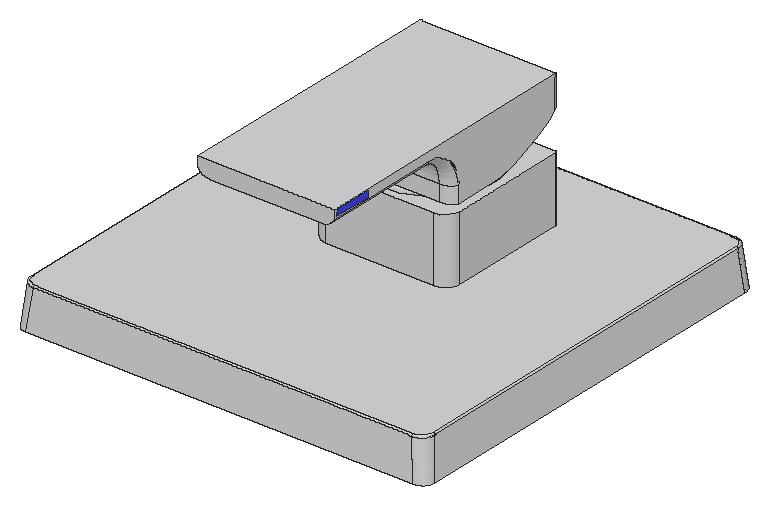
Revit family "Shower-Valve_Trim-KOHLER-Strayt-K-37336M", category Specialty Equipment, host Face, Revit 2017
Family settings
  Host = Face
  Round Connector Dimension = Use Diameter
  Part Type = Normal
  OmniClass Number = 23.31.25.00
  OmniClass Title = Toilet and Bath Specialties
  Cut with Voids When Loaded = No
  Shared = No
  Room Calculation Point = No
Parameters (values of type "CP- Polished Chrome")
  Width = 6 97/256"  # constant formula
  WaterSense Certified = 1 = 0  # no
  URL = "https://la.kohler.com/es?country=MX"
  Type = 1
  Product Page URL = "https://la.kohler.com/es/product-detail/37336m-4?skuid=K-37336M-4-CP"
  Product Name = "STRAYT"  # constant formula
  Product Documentation Link = "http://resources.kohler.com/plumbing/kohlerla/pdf/37336M%20STRAYT%20Install%20guide.pdf"
  Model = "K-37336M-4-CP"  # constant formula
  Material = "Premium Metal Construction"  # constant formula
  Master Format 2014 Name = "Toilet, Bath, and Laundry Accessories"  # constant formula
  Master Format 2014 = "10 28 00"  # constant formula
  Manufacturer Address = "KOHLER Co. 444 Highland Dr. Kohler, WI 53044"  # constant formula
  Manufacturer = "KOHLER Co."  # constant formula
  Length = 2 47/64"  # constant formula
  Height = 6 97/256"  # constant formula
  Finish = Kohler-Metal-CP-Polished_Chrome
  Environmental Product Declaration = ""
  Description = "Strayt shower handle"  # constant formula
  Default Elevation = 42"
  Declare Label = ""
  Date Modified = "09/11/2020"  # constant formula
  Date Created = "09/11/2020"  # constant formula
  Copyright = "Copyright KOHLER Co."  # constant formula
  Contact Us = "https://la.kohler.com/es/contact-us-page"
  Assembly Code = "C1030200"
  ADA Compliant = 1 = 0  # no
Reference planes (in)
  plane 1 "Center (Front/Back)": y = 0
  plane 2: z = 0
  plane 3 "Center (Left/Right)": x = 0
  plane 4: y = 1.0625
  plane 5: y = -3.26953
  plane 6: y = -1.0625
  plane 7: x = -1.0625
  plane 8: x = 1.0625
  plane 9: x = -3.18898
  plane 10: x = 3.18993
  plane 11: y = 2.22441
  plane 12: y = -4.1545
  plane 13: z = 2.73437
  plane 14: z = 0.7351
Dimensions and locks (in)
  "Height": plane 11 to plane 12
  "Width": plane 9 to plane 10
  plane 4 to plane 5 = 4 85/256"
  plane 5 to plane 1 "Center (Front/Back)" = 3 69/256"
  plane 7 to plane 8 = 2 1/8"
  plane 11 to plane 12 = 6 97/256"
  plane 1 "Center (Front/Back)" to plane 5 = 3 69/256"
  "Length": level to plane 13
  plane 10 to plane 9 = 6 97/256"
  plane 13 to level = 2 47/64"
  aligned and locked: plane 2 to host face
  aligned and locked: level to host face
  aligned and locked: plane 3 "Center (Left/Right)" to nested 1
  aligned and locked: plane 1 "Center (Front/Back)" to nested 1
Automatic sketch dimensions
  host sketch curve to host sketch curve = 96"  (x2)
Nested families (in)
  nested 1: "K-37336M" at (0, 0, 0), type "K-37336M"
Definition of nested family "K-37336M"
  Parameters (values of type "K-37336M")
    Material = none
  Reference planes (in)
    plane 1 "Center (Front/Back)": y = 0
    plane 2: z = 0
    plane 3 "Center (Left/Right)": x = 0
    plane 4: y = -3.26953
    plane 5: y = 1.0625
    plane 6: x = -1.0625
    plane 7: x = 1.0625
    plane 8: y = 2.22441
    plane 9: y = -1.0625
    plane 10: z = 2.73303
    plane 11: z = 0.7351
    plane 12: x = -0.53125
    plane 13: x = 0.53125
    plane 14: y = -4.1545
    plane 15: x = -3.18898
    plane 16: x = 3.18898
  Forms (in)
    SweptBlend 1, solid, material <- "Material", detail levels medium+fine
      path origin (0, 0, 0) x (1, 0, 0) y (0, 0, 1)
        loop
          line (0, 0) -> (0, 0.61127)
      profile origin (0, 0, 0) x (-1, 0, 0) y (0, -1, 0)
        loop
          line (3.1875, -2.0318) -> (3.1875, 3.96252)
          arc (3.1875, 3.96252) -> (3.13127, 4.09827) -> (2.99552, 4.1545) r 0.19198
          line (2.99552, 4.1545) -> (-2.99563, 4.1545)
          arc (-2.99563, 4.1545) -> (-3.1313, 4.0983) -> (-3.1875, 3.96263) r 0.19187
          line (-3.1875, 3.96263) -> (-3.1875, -2.03151)
          arc (-3.1875, -2.03151) -> (-3.131, -2.16791) -> (-2.9946, -2.22441) r 0.1929
          line (-2.9946, -2.22441) -> (2.99489, -2.22441)
          arc (2.99489, -2.22441) -> (3.13109, -2.168) -> (3.1875, -2.0318) r 0.19261
      end profile origin (0, 0, 0.61127) x (-1, 0, 0) y (0, -1, 0)
        loop
          arc (2.92958, -2.17141) -> (3.06776, -2.11417) -> (3.125, -1.97598) r 0.19542
          line (3.125, -1.97598) -> (3.125, 3.893)
          arc (3.125, 3.893) -> (3.06672, 4.03371) -> (2.92601, 4.092) r 0.19899
          line (2.92601, 4.092) -> (-2.93075, 4.092)
          arc (-2.93075, 4.092) -> (-3.06811, 4.0351) -> (-3.125, 3.89775) r 0.19425
          line (-3.125, 3.89775) -> (-3.125, -1.97236)
          arc (-3.125, -1.97236) -> (-3.0667, -2.11311) -> (-2.92596, -2.17141) r 0.19904
          line (-2.92596, -2.17141) -> (2.92958, -2.17141)
    Sweep 2, solid, material <- "Material", detail levels medium+fine
      path origin (0, 0, 0) x (1, 0, 0) y (0, 1, 0)
        loop
          arc (2.93075, -4.092) -> (3.06811, -4.0351) -> (3.125, -3.89775) r 0.19425
          line (3.125, -3.89775) -> (3.125, 1.97236)
          arc (3.125, 1.97236) -> (3.0667, 2.11311) -> (2.92596, 2.17141) r 0.19904
          line (2.92596, 2.17141) -> (-2.92958, 2.17141)
          arc (-2.92958, 2.17141) -> (-3.06776, 2.11417) -> (-3.125, 1.97598) r 0.19542
          line (-3.125, 1.97598) -> (-3.125, -3.893)
          arc (-3.125, -3.893) -> (-3.06672, -4.03371) -> (-2.92601, -4.092) r 0.19899
          line (-2.92601, -4.092) -> (2.93075, -4.092)
      profile origin (0.00237, -4.092, 0) x (0, 1, 0) y (0, 0, 1)
        loop
          line (-0.0004, 0.61127) -> (0.11207, 0.61127) -> (0.07652, 0.63616) -> (0.02492, 0.63616)
          arc (0.02492, 0.63616) -> (0.00766, 0.62839) -> (-0.0004, 0.61127) r 0.02732
    Extrusion 3, solid, material <- "Material", detail levels medium+fine
      sketch origin (0, 0, 0) x (1, 0, 0) y (0, 1, 0)
        loop
          line (-2.92601, -4.01548) -> (2.93075, -4.01548)
          arc (2.93075, -4.01548) -> (3.014, -3.981) -> (3.04848, -3.89775) r 0.11773
          line (3.04848, -3.89775) -> (3.04848, 1.97236)
          arc (3.04848, 1.97236) -> (3.0126, 2.059) -> (2.92596, 2.09489) r 0.12253
          line (2.92596, 2.09489) -> (-2.92958, 2.09489)
          arc (-2.92958, 2.09489) -> (-3.01366, 2.06006) -> (-3.04848, 1.97598) r 0.11891
          line (-3.04848, 1.97598) -> (-3.04848, -3.893)
          arc (-3.04848, -3.893) -> (-3.01261, -3.97961) -> (-2.92601, -4.01548) r 0.12248
      from 0.50259 to 0.63616
    Extrusion 4, void
      sketch origin (0, 0, 0) x (1, 0, 0) y (0, 1, 0)
        loop
          line (1.05906, -0.82397) -> (1.05906, 1.02832)
          arc (1.05906, 1.02832) -> (1.05005, 1.05005) -> (1.02832, 1.05906) r 0.03074
          line (1.02832, 1.05906) -> (-1.02834, 1.05906)
          arc (-1.02834, 1.05906) -> (-1.05006, 1.05006) -> (-1.05906, 1.02834) r 0.03072
          line (-1.05906, 1.02834) -> (-1.05906, -0.82156)
          arc (-1.05906, -0.82156) -> (-0.98949, -0.98949) -> (-0.82156, -1.05906) r 0.2375
          line (-0.82156, -1.05906) -> (0.82397, -1.05906)
          arc (0.82397, -1.05906) -> (0.9902, -0.9902) -> (1.05906, -0.82397) r 0.23509
      from 0.50259 to 0.92984
    Extrusion 5, solid, material <- "Material", detail levels medium+fine
      sketch origin (0, 0, 0) x (1, 0, 0) y (0, 1, 0)
        loop
          arc (1.05743, 1.02455) -> (1.04936, 1.04403) -> (1.02987, 1.0521) r 0.02756
          line (1.02987, 1.0521) -> (-1.02987, 1.0521)
          arc (-1.02987, 1.0521) -> (-1.04936, 1.04403) -> (-1.05743, 1.02454) r 0.02756
          line (-1.05743, 1.02454) -> (-1.05743, -0.83177)
          arc (-1.05743, -0.83177) -> (-0.99257, -0.98836) -> (-0.83598, -1.05322) r 0.22145
          line (-0.83598, -1.05322) -> (0.83525, -1.05322)
          arc (0.83525, -1.05322) -> (0.99235, -0.98814) -> (1.05743, -0.83104) r 0.22218
          line (1.05743, -0.83104) -> (1.05743, 1.02455)
      from 0.50259 to 1.64173
    Revolve 6, solid, material <- "Material", detail levels medium+fine
      sketch origin (0, 0, 0) x (0, 1, 0) y (0, 0, 1)
        loop
          arc (0.94378, 1.64173) -> (0.92465, 1.69502) -> (0.87365, 1.71961) r 0.07474
          arc (0.87365, 1.71961) -> (0.82022, 1.74268) -> (0.79386, 1.79456) r 0.08565
          arc (0.79386, 1.79456) -> (0.75715, 1.98849) -> (0.69608, 2.17618) r 1.54938
          line (0.69608, 2.17618) -> (-0.00056, 2.17618) -> (-0.00056, 1.64173) -> (0.94378, 1.64173)
        axis (-0.00056, 2.17618) -> (-0.00056, 1.64173)
      angle from 0 to 360
    Extrusion 7, solid, material <- "Material", detail levels medium+fine
      sketch origin (0, 0, 0) x (1, 0, 0) y (0, 1, 0)
        loop
          arc (-1.03023, 1.04921) -> (-1.04946, 1.04125) -> (-1.05743, 1.02201) r 0.0272
          line (-1.05743, 1.02201) -> (-1.05743, -0.85261) -> (1.05743, -0.85261) -> (1.05743, 1.02222)
          arc (1.05743, 1.02222) -> (1.04952, 1.04131) -> (1.03044, 1.04921) r 0.02699
          line (1.03044, 1.04921) -> (-1.03023, 1.04921)
      from 1.76003 to 2.73303
    Extrusion 8, void
      sketch origin (0, 0, 0) x (0, 1, 0) y (0, 0, 1)
        loop
          arc (0.43833, 1.90588) -> (0.04159, 1.78144) -> (-0.368, 1.70989) r 3.17621
          line (-0.368, 1.70989) -> (-0.368, 1.65476) -> (1.11659, 1.65476) -> (1.11659, 2.41496)
          arc (1.11659, 2.41496) -> (0.99775, 2.22466) -> (0.82228, 2.08484) r 0.6635
          arc (0.82228, 2.08484) -> (0.63329, 1.98895) -> (0.43833, 1.90588) r 3.17621
      from -1.38324 to 1.23578
    Extrusion 9, solid, material <- "Material", detail levels medium+fine
      sketch origin (0, 0, 0) x (0, 1, 0) y (0, 0, 1)
        loop
          line (-3.25394, 2.73303) -> (-3.25394, 2.59124) -> (-0.85261, 2.59124) -> (-0.85261, 2.73303) -> (-3.25394, 2.73303)
      from -1.05743 to 1.05743
    Sweep 10, solid, material <- "Material", detail levels medium+fine
      path origin (0, 0, 0) x (0, 1, 0) y (0, 0, 1)
        loop
          line (-3.25394, 2.59124) -> (-1.42441, 2.59124)
          arc (-1.42441, 2.59124) -> (-1.02008, 2.42376) -> (-0.85261, 2.01944) r 0.5718
          line (-0.85261, 2.01944) -> (-0.85261, 1.76003)
      profile origin (0, -3.25394, 2.59124) x (0, 0, 1) y (1, 0, 0)
        loop
          arc (0, 1.05743) -> (-0.0868, 0.97535) -> (-0.1188, 0.86026) r 0.22302
          line (-0.1188, 0.86026) -> (-0.1188, -0.8623)
          arc (-0.1188, -0.8623) -> (-0.08676, -0.97652) -> (0, -1.05743) r 0.21966
          line (0, -1.05743) -> (0, 1.05743)
    Extrusion 11, solid, material <- "Material", detail levels medium+fine
      sketch origin (0, 0, 0) x (0, 1, 0) y (0, 0, 1)
        loop
          arc (-1.42441, 2.59124) -> (-1.02008, 2.42376) -> (-0.85261, 2.01944) r 0.5718
          line (-0.85261, 2.01944) -> (-0.85261, 2.59124) -> (-1.42441, 2.59124)
      from -1.05743 to 1.05743
    Extrusion 12, solid, material <- "Material", detail levels medium+fine
      sketch origin (0, 0, 0) x (1, 0, 0) y (0, 1, 0)
        loop
          line (-0.97735, 0.96913) -> (-0.97735, -3.17386) -> (0.97735, -3.17386) -> (0.97735, 0.96913) -> (-0.97735, 0.96913)
      from 2.65578 to 2.73303
    Extrusion 13, void
      sketch origin (0, 0, 0) x (1, 0, 0) y (0, 0, 1)
        loop
          circle (-0.00023, 2.26426) r 0.17682
      from 0.75087 to 1.52764
    Revolve 14, solid, material <- "Material", detail levels medium+fine
      sketch origin (0, 0.07812, -0.00781) x (0, 1, 0) y (0, 0, 1)
        loop
          line (-1.00186, 2.26378) -> (-1.00186, 2.44587) -> (-1.05199, 2.44587) -> (-1.05199, 2.41089)
          arc (-1.05199, 2.41089) -> (-1.10366, 2.34526) -> (-1.12201, 2.26378) r 0.18908
          line (-1.12201, 2.26378) -> (-1.00186, 2.26378)
        axis (-1.00186, 2.26378) -> (-1.12201, 2.26378)
      angle from 0 to 360
    Extrusion 15, void
      sketch origin (0, 0, 0) x (0, 1, 0) y (0, 0, 1)
        loop
          line (-2.6122, 2.70524) -> (-3.20212, 2.70524) -> (-3.20212, 2.61723) -> (-2.6122, 2.61723) -> (-2.6122, 2.70524)
      from -1.10082 to -0.89325
    Extrusion 16, solid, detail levels medium+fine
      sketch origin (0, 0, 0) x (0, 1, 0) y (0, 0, 1)
        loop
          line (-2.6122, 2.61723) -> (-2.6122, 2.70524) -> (-3.20212, 2.70524) -> (-3.20212, 2.61723) -> (-2.6122, 2.61723)
      from -1.05743 to -0.89325
    Extrusion 17, solid, detail levels medium+fine
      sketch origin (0, 0, 0) x (0, 1, 0) y (0, 0, -1)
        loop
          line (-2.6122, -2.61723) -> (-3.20212, -2.61723) -> (-3.20212, -2.70524) -> (-2.6122, -2.70524) -> (-2.6122, -2.61723)
      from -1.05743 to -0.89325
    Extrusion 18, void
      sketch origin (0, 0, 0) x (0, 1, 0) y (0, 0, -1)
        loop
          line (-2.6122, -2.70524) -> (-2.6122, -2.61723) -> (-3.20212, -2.61723) -> (-3.20212, -2.70524) -> (-2.6122, -2.70524)
      from -1.10082 to -0.89325
    Extrusion 19, solid, material <- "Material", detail levels coarse
      sketch origin (0, 0, 0) x (1, 0, 0) y (0, 1, 0)
        loop
          line (3.18898, 2.22441) -> (-3.18898, 2.22441) -> (-3.18898, -4.1545) -> (3.18898, -4.1545) -> (3.18898, 2.22441)
      from 0 to 0.63616
    Extrusion 20, solid, material <- "Material", detail levels coarse
      sketch origin (0, 0, 0) x (1, 0, 0) y (0, 1, 0)
        loop
          line (-1.05743, -1.05322) -> (1.05785, -1.05322) -> (1.05785, 1.04964) -> (-1.05743, 1.04964) -> (-1.05743, -1.05322)
      from 0.61127 to 2.73303
    Extrusion 21, solid, material <- "Material", detail levels coarse
      sketch origin (0, 0, 0) x (0, 1, 0) y (0, 0, 1)
        loop
          line (-0.57427, 2.73303) -> (-3.25634, 2.73303) -> (-3.25634, 2.47522) -> (-0.57427, 2.47522) -> (-0.57427, 2.73303)
      from -1.05906 to 1.05906
    Revolve 22, void
      sketch origin (-0.03906, -2.43322, 0.00751) x (1, 0, 0) y (0, 0, 1)
        loop
          line (-0.94463, 2.36422) -> (0.04111, 2.36422) -> (0.04111, 2.56889)
          arc (0.04111, 2.56889) -> (-0.46227, 2.51719) -> (-0.94463, 2.36422) r 2.47613
        axis (0.04111, 2.56889) -> (0.04111, 2.36422)
      angle from 0 to 360
  Cuts and joins
    Extrusion 4 cuts SweptBlend 1
    Extrusion 8, Extrusion 13, Extrusion 15, Extrusion 18, Revolve 22 cuts Extrusion 7
    Extrusion 13, Extrusion 15, Extrusion 18, Revolve 22 cuts Extrusion 9
    Extrusion 13, Extrusion 15, Extrusion 18, Revolve 22 cuts Sweep 10
    Extrusion 13, Extrusion 15, Extrusion 18, Revolve 22 cuts Extrusion 11
    Extrusion 15, Extrusion 18 cuts Extrusion 12
    joined: Extrusion 7, Extrusion 9, Sweep 10, Extrusion 11, Extrusion 12
    Extrusion 13 cuts Revolve 6
    Extrusion 18 cuts Extrusion 16
    Revolve 22 cuts Extrusion 19
    Revolve 22 cuts Extrusion 20
    joined: Extrusion 19, Extrusion 20, Extrusion 21
    Revolve 22 cuts Revolve 14
    Extrusion 4 cuts Sweep 2
    Extrusion 4 cuts Extrusion 3
    joined: Sweep 2, Extrusion 3
  Lines and regions (in)
    Masking region 1
      outline origin (0, 0, 0) x (1, 0, 0) y (0, 0, 1)
        loop
          line (3.18898, 0) -> (3.13404, 0.64856)
          arc (3.13404, 0.64856) -> (3.12491, 0.66672) -> (3.10577, 0.67353) r 0.02729
          arc (3.10577, 0.67353) -> (2.08431, 0.70737) -> (1.0625, 0.72789) r 78.40828
          line (1.0625, 0.72789) -> (1.0625, 1.6187)
          arc (1.0625, 1.6187) -> (1.05575, 1.63499) -> (1.03947, 1.64173) r 0.02303
          line (1.03947, 1.64173) -> (0.94487, 1.64173)
          arc (0.94487, 1.64173) -> (0.92163, 1.69782) -> (0.86555, 1.72105) r 0.07932
          arc (0.86555, 1.72105) -> (0.83048, 1.73169) -> (0.80724, 1.76003) r 0.0631
          line (0.80724, 1.76003) -> (1.0625, 1.76003) -> (1.0625, 2.70289)
          arc (1.0625, 2.70289) -> (1.05367, 2.7242) -> (1.03236, 2.73303) r 0.03014
          line (1.03236, 2.73303) -> (-1.03236, 2.73303)
          arc (-1.03236, 2.73303) -> (-1.05367, 2.7242) -> (-1.0625, 2.70289) r 0.03014
          line (-1.0625, 2.70289) -> (-1.0625, 1.76003) -> (-0.80724, 1.76003)
          arc (-0.80724, 1.76003) -> (-0.83048, 1.73169) -> (-0.86555, 1.72105) r 0.0631
          arc (-0.86555, 1.72105) -> (-0.92163, 1.69782) -> (-0.94487, 1.64173) r 0.07932
          line (-0.94487, 1.64173) -> (-1.03947, 1.64173)
          arc (-1.03947, 1.64173) -> (-1.05575, 1.63499) -> (-1.0625, 1.6187) r 0.02303
          line (-1.0625, 1.6187) -> (-1.0625, 0.72792)
          arc (-1.0625, 0.72792) -> (-2.08539, 0.7074) -> (-3.10793, 0.67353) r 78.40828
          arc (-3.10793, 0.67353) -> (-3.12571, 0.66598) -> (-3.13404, 0.64856) r 0.02729
          line (-3.13404, 0.64856) -> (-3.18898, 0) -> (3.18898, 0)
    Masking region 2
      outline origin (0, 0, 0) x (0, 1, 0) y (0, 0, 1)
        loop
          line (2.22481, 0) -> (2.17181, 0.61127)
          arc (2.17181, 0.61127) -> (2.16424, 0.6289) -> (2.14649, 0.63616) r 0.02532
          arc (2.14649, 0.63616) -> (1.60465, 0.66764) -> (1.0625, 0.69312) r 48.97748
          line (1.0625, 0.69312) -> (1.0625, 1.64173) -> (0.94378, 1.64173)
          arc (0.94378, 1.64173) -> (0.9247, 1.69495) -> (0.87377, 1.71948) r 0.07455
          arc (0.87377, 1.71948) -> (0.81861, 1.74391) -> (0.79292, 1.7985) r 0.08632
          arc (0.79292, 1.7985) -> (0.77497, 1.92191) -> (0.74203, 2.04218) r 1.01507
          arc (0.74203, 2.04218) -> (0.78231, 2.06322) -> (0.82228, 2.08484) r 3.17621
          arc (0.82228, 2.08484) -> (0.94775, 2.17428) -> (1.04921, 2.29026) r 0.6635
          arc (1.04921, 2.29026) -> (1.05848, 2.30862) -> (1.0625, 2.32879) r 0.07632
          line (1.0625, 2.32879) -> (1.0625, 2.70474)
          arc (1.0625, 2.70474) -> (1.05421, 2.72474) -> (1.03421, 2.73303) r 0.02829
          line (1.03421, 2.73303) -> (-3.24583, 2.73303)
          arc (-3.24583, 2.73303) -> (-3.26259, 2.72609) -> (-3.26953, 2.70933) r 0.0237
          line (-3.26953, 2.70933) -> (-3.26953, 2.51576)
          arc (-3.26953, 2.51576) -> (-3.25684, 2.48513) -> (-3.22621, 2.47244) r 0.04332
          line (-3.22621, 2.47244) -> (-1.42869, 2.47244)
          arc (-1.42869, 2.47244) -> (-1.10534, 2.33851) -> (-0.97141, 2.01516) r 0.45728
          line (-0.97141, 2.01516) -> (-0.97141, 1.76003) -> (-0.80566, 1.76003)
          arc (-0.80566, 1.76003) -> (-0.83479, 1.73148) -> (-0.87377, 1.71948) r 0.08632
          arc (-0.87377, 1.71948) -> (-0.9247, 1.69495) -> (-0.94378, 1.64173) r 0.07455
          line (-0.94378, 1.64173) -> (-1.0625, 1.64173) -> (-1.0625, 0.73501)
          arc (-1.0625, 0.73501) -> (-2.57044, 0.70879) -> (-4.07685, 0.63616) r 48.97748
          arc (-4.07685, 0.63616) -> (-4.09447, 0.62887) -> (-4.10177, 0.61127) r 0.02492
          line (-4.10177, 0.61127) -> (-4.1545, 0) -> (2.22481, 0)
    Masking region 3
      outline origin (0, 0, 0) x (1, 0, 0) y (0, 1, 0)
        loop
          line (-3.18898, 2.0318) -> (-3.18898, -3.96252)
          arc (-3.18898, -3.96252) -> (-3.13275, -4.09827) -> (-2.997, -4.1545) r 0.19198
          line (-2.997, -4.1545) -> (2.99711, -4.1545)
          arc (2.99711, -4.1545) -> (3.13278, -4.0983) -> (3.18898, -3.96263) r 0.19187
          line (3.18898, -3.96263) -> (3.18898, 2.03151)
          arc (3.18898, 2.03151) -> (3.13248, 2.16791) -> (2.99607, 2.22441) r 0.1929
          line (2.99607, 2.22441) -> (-2.99637, 2.22441)
          arc (-2.99637, 2.22441) -> (-3.13256, 2.168) -> (-3.18898, 2.0318) r 0.19261
    symbolic lines, detail levels medium+fine
      curve 1: line (-1.0625, 1.03537, 0) -> (-1.0625, -3.24219, 0)
      curve 2: line (1.0625, 1.03516, 0) -> (1.0625, -3.24219, 0)
      curve 3: line (1.03516, 1.0625, 0) -> (-1.03537, 1.0625, 0)
      curve 4: line (1.03516, -3.26953, 0) -> (-1.03516, -3.26953, 0)
      curve 5: arc (-1.03537, 1.0625, 0) -> (-1.05455, 1.05455, 0) -> (-1.0625, 1.03537, 0) r 0.02713
      curve 6: arc (1.0625, 1.03516, 0) -> (1.05449, 1.05449, 0) -> (1.03516, 1.0625, 0) r 0.02734
      curve 7: arc (1.0625, -3.24219, 0) -> (1.05449, -3.26152, 0) -> (1.03516, -3.26953, 0) r 0.02734
      curve 8: arc (-1.0625, -3.24219, 0) -> (-1.05449, -3.26152, 0) -> (-1.03516, -3.26953, 0) r 0.02734
      curve 9: arc (0.80704, 0, 1.76003) -> (-0.02713, 0, 2.08927) -> (-0.84484, 0, 1.72105) r 1.15276
      curve 10: line (1.03044, 0, 2.29026) -> (-1.03044, 0, 2.29026)
      curve 11: arc (1.0625, 0, 2.25485) -> (1.05432, 0, 2.27966) -> (1.03044, 0, 2.29026) r 0.03222
      curve 12: arc (-1.0625, 0, 2.25485) -> (-1.05432, 0, 2.27966) -> (-1.03044, 0, 2.29026) r 0.03222
      curve 13: line (0.94487, 0, 1.64173) -> (-0.94487, 0, 1.64173)
      curve 14: line (0.86555, 0, 1.72105) -> (-0.84484, 0, 1.72105)
      curve 15: line (0, 1.0625, 2.70474) -> (0, -3.26908, 2.70474)
      curve 16: line (0, -3.20212, 2.61723) -> (0, -2.6122, 2.61723)
      curve 17: line (0, -2.6122, 2.61723) -> (0, -2.6122, 2.70474)
      curve 18: line (0, -3.20212, 2.61723) -> (0, -3.20212, 2.70474)
      curve 19: arc (0, 0.43833, 1.90588) -> (0, 0.19575, 1.82304) -> (0, -0.05271, 1.76003) r 3.17621
      curve 20: line (0, -0.80566, 1.76003) -> (0, -0.05271, 1.76003)
      curve 21: arc (0, 0.82228, 2.08484) -> (0, 0.63329, 1.98895) -> (0, 0.43833, 1.90588) r 3.17621
      curve 22: line (0, 0.87377, 1.71948) -> (0, -0.87377, 1.71948)
      curve 23: line (0, 0.94378, 1.64173) -> (0, -0.94378, 1.64173)
      curve 24: line (0, -0.73032, 1.76003) -> (0, -0.73032, 2.01003)
      curve 25: arc (0, -0.73032, 2.01003) -> (0, -0.92676, 2.49424) -> (0, -1.40503, 2.70474) r 0.69501
      curve 26: line (-1.0625, 0, 2.70316) -> (1.06241, 0, 2.70316)
      curve 27: arc (-2.92958, 2.17181, 0) -> (-3.06804, 2.11445, 0) -> (-3.1254, 1.97598, 0) r 0.19582
      curve 28: line (2.92958, 2.17181, 0) -> (-2.92958, 2.17181, 0)
      curve 29: line (-3.1254, 1.97598, 0) -> (-3.1254, -3.893, 0)
      curve 30: arc (-3.1254, -3.893, 0) -> (-3.067, -4.034, 0) -> (-2.92601, -4.0924, 0) r 0.19939
      curve 31: line (-2.92601, -4.0924, 0) -> (2.92601, -4.0924, 0)
      curve 32: line (-3.10678, 0, 0.67351) -> (3.10678, 0, 0.67351)
      curve 33: line (3.13404, 0, 0.64856) -> (-3.13404, 0, 0.64856)
      curve 34: arc (-1.0626, 0, 0.72794) -> (-0.00005, 0, 0.73536) -> (1.0625, 0, 0.72795) r 76.1087
      curve 35: arc (0, 1.06581, 0.69298) -> (0, 0.00178, 0.72557) -> (0, -1.0627, 0.73502) r 48.97478
      curve 36: line (0, 2.14649, 0.63616) -> (0, -4.07685, 0.63616)
      curve 37: line (0, 2.17181, 0.61127) -> (0, -4.10175, 0.61127)
      curve 38: arc (2.92958, 2.17181, 0) -> (3.06804, 2.11445, 0) -> (3.1254, 1.97598, 0) r 0.19582
      curve 39: line (3.1254, 1.97598, 0) -> (3.1254, -3.893, 0)
      curve 40: arc (3.1254, -3.893, 0) -> (3.067, -4.034, 0) -> (2.92601, -4.0924, 0) r 0.19939
  Dimensions and locks (in)
    aligned and locked: plane 2 to level
    aligned and locked: Extrusion 9 to Extrusion 7
